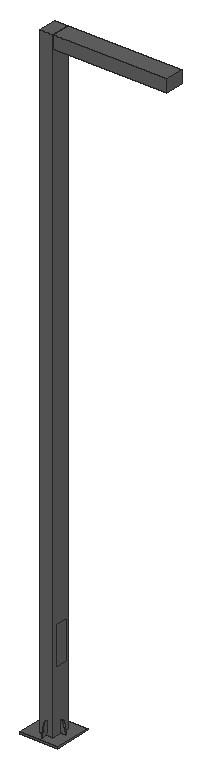
Revit family "Lin2-16.4ft", category Lighting Fixtures, Revit 2022
Family settings
  Round Connector Dimension = Use Diameter
  Part Type = Normal
  OmniClass Number = 23.80.70.00
  OmniClass Title = Lighting
  Work Plane-Based = No
  Always vertical = Yes
  Cut with Voids When Loaded = No
  Light Source = Yes
  Maintain Annotation Orientation = No
  Shared = No
  Room Calculation Point = No
Parameters (values of type "LIN2-80W-3000K-V-16.4ft")
  Wattage Comments = "80W"
  Wattage = 75.2245 W
  built-in parameter 1150110 = 1 (stored number, unit not read)
  URL = "https://www.abovealllighting.com/Product/LED-OUTDOOR-FIXTURES/LEDMOONSERIESPOSTTOP/MACKLINColumnLight.html"
  built-in parameter 1114217 = 1 (stored number, unit not read)
  Tilt Angle = 90.00°
  built-in parameter 1150109 = 1 (stored number, unit not read)
  built-in parameter 1150134 = (empty or 0)
  built-in parameter 1150113 = 1 (stored number, unit not read)
  Power Factor = "0.9"
  Photometric Web File = "LIN2-8030801-V-BK.IES"
  Model = "LIN2-8030801-V-BK"
  Manufacturer = "Above All Lighting"  # constant formula
  Lumens = 11174 lm
  built-in parameter 1150115 = 1 (stored number, unit not read)
  built-in parameter 1150105 = 6605.1 (stored number, unit not read)
  Load Classification = Lighting
  built-in parameter 1150137 = (empty or 0)
  built-in parameter 1150139 = (empty or 0)
  built-in parameter 1150112 = 1 (stored number, unit not read)
  built-in parameter 1150114 = 1 (stored number, unit not read)
  Lamp = "LED"
  Input Voltage = "120-277V"
  built-in parameter 1150132 = 2
  built-in parameter 1150102 = (empty or 0)
  built-in parameter 1150138 = (empty or 0)
  built-in parameter 1150107 = 3000 (stored number, unit not read)
  built-in parameter 1150106 = 66.051 (stored number, unit not read)
  IP Rating = "IP65"
  H = 16' - 4 205/256"  # constant formula
  built-in parameter 1150104 = 13.8 (stored number, unit not read)
  Dimming Lamp Color Temperature Shift = <None>
  Default Elevation = 0' - 0"
  Color Filter = 16777215
  CRI = "80"
  built-in parameter 1114218 = 1 (stored number, unit not read)
  built-in parameter 1150133 = 10 (stored number, unit not read)
Types (17): name | Wattage Comments | Wattage | Photometric Web File | Model | Lumens | built-in parameter 1150105 | built-in parameter 1150106
  (no name) | "80W" | 75.2245 W | "LIN2-8030801-V-BK.IES" | "LIN2-8030801-V-BK" | 11174 lm | 6605.1 (stored number, unit not read) | 66.051 (stored number, unit not read)
  LIN2-70W-3000K-II-16.4ft | "70W" | 68.8492 W | "LIN2-7030801-II-BK.IES" | "LIN2-7030801-II-BK" | 10227 lm | 813.84 (stored number, unit not read) | 8.1384 (stored number, unit not read)
  LIN2-70W-3000K-III-16.4ft | "70W" | 62.4335 W | "LIN2-7030801-III-BK.IES" | "LIN2-7030801-III-BK" | 9274 lm | 4852 (stored number, unit not read) | 48.52 (stored number, unit not read)
  LIN2-70W-3000K-IV-16.4ft | "70W" | 69.2599 W | "LIN2-7030801-IV-BK.IES" | "LIN2-7030801-IV-BK" | 10288 lm | 4532.4 (stored number, unit not read) | 45.324 (stored number, unit not read)
  LIN2-70W-3000K-V-16.4ft | "70W" | 67.1527 W | "LIN2-7030801-V-BK.IES" | "LIN2-7030801-V-BK" | 9975 lm | 5934.8 (stored number, unit not read) | 59.348 (stored number, unit not read)
  LIN2-80W-3000K-II-16.4ft | "80W" | 75.1034 W | "LIN2-8030801-II-BK.IES" | "LIN2-8030801-II-BK" | 11156 lm | 5836.7 (stored number, unit not read) | 58.367 (stored number, unit not read)
  LIN2-80W-3000K-III-16.4ft | "80W" | 68.8156 W | "LIN2-8030801-III-BK.IES" | "LIN2-8030801-III-BK" | 10222 lm | 5305.2 (stored number, unit not read) | 53.052 (stored number, unit not read)
  LIN2-80W-3000K-IV-16.4ft | "80W" | 77.3923 W | "LIN2-8030801-IV-BK.IES" | "LIN2-8030801-IV-BK" | 11496 lm | 5052.3 (stored number, unit not read) | 50.523 (stored number, unit not read)
  LIN2-80W-3000K-V-16.4ft | "80W" | 75.2245 W | "LIN2-8030801-V-BK.IES" | "LIN2-8030801-V-BK" | 11174 lm | 6605.1 (stored number, unit not read) | 66.051 (stored number, unit not read)
  LIN2-100W-3000K-II-16.4ft | "100W" | 90.7353 W | "LIN2-10030801-II-BK.IES" | "LIN2-10030801-II-BK" | 13478 lm | 6995.1 (stored number, unit not read) | 69.951 (stored number, unit not read)
  LIN2-100W-3000K-III-16.4ft | "100W" | 81.8355 W | "LIN2-10030801-III-BK.IES" | "LIN2-10030801-III-BK" | 12156 lm | 6304.7 (stored number, unit not read) | 63.047 (stored number, unit not read)
  LIN2-100W-3000K-IV-16.4ft | "100W" | 92.8761 W | "LIN2-10030801-IV-BK.IES" | "LIN2-10030801-IV-BK" | 13796 lm | 6055.6 (stored number, unit not read) | 60.556 (stored number, unit not read)
  LIN2-100W-3000K-V-16.4ft | "100W" | 90.567 W | "LIN2-10030801-V-BK.IES" | "LIN2-10030801-V-BK" | 13453 lm | 7891.5 (stored number, unit not read) | 78.915 (stored number, unit not read)
  LIN2-120W-3000K-II-16.4ft | "120W" | 104.449 W | "LIN2-12030801-II-BK.IES" | "LIN2-12030801-II-BK" | 15515 lm | 8046.8 (stored number, unit not read) | 80.468 (stored number, unit not read)
  LIN2-120W-3000K-III-16.4ft | "120W" | 93.7984 W | "LIN2-12030801-III-BK.IES" | "LIN2-12030801-III-BK" | 13933 lm | 7255.2 (stored number, unit not read) | 72.552 (stored number, unit not read)
  LIN2-120W-3000K-IV-16.4ft | "120W" | 104.583 W | "LIN2-12030801-IV-BK.IES" | "LIN2-12030801-IV-BK" | 15535 lm | 6794.2 (stored number, unit not read) | 67.942 (stored number, unit not read)
  LIN2-120W-3000K-V-16.4ft | "120W" | 105.095 W | "LIN2-12030801-V-BK.IES" | "LIN2-12030801-V-BK" | 15611 lm | 9127.9 (stored number, unit not read) | 91.279 (stored number, unit not read)
Reference planes (in)
  plane 1 "Light Source Axis (F/B)": y = 0
  plane 2: z = 0
  plane 3 "Light Source Axis (L/R)": x = 0
  plane 4 "Light Source Elevation": z = 192.86078
  plane 5: z = 196.80078
  plane 6: x = -1.99
  plane 7: x = 1.99
  plane 8: x = 37.42
  plane 9: z = 192.86078
Forms (in)
  Extrusion 1, solid, material "Metal, Paint Finish, White, Matte"
    sketch origin (0, 0, 0) x (1, 0, 0) y (0, 1, 0)
      loop
        line (-1.99, 2.95) -> (-1.99, -2.95) -> (1.99, -2.95) -> (1.99, 2.95) -> (-1.99, 2.95)
    from 0 to 196.80078
  Extrusion 2, solid, material "Metal, Paint Finish, White, Matte"
    sketch origin (0, 0, 0) x (1, 0, 0) y (0, 1, 0)
      loop
        line (1.99, 2.95) -> (1.99, -2.95) -> (37.42, -2.95) -> (37.42, 2.95) -> (1.99, 2.95)
    from 192.86078 to 196.80078
  Extrusion 3, solid, material "Metal, Paint Finish, White, Matte"
    sketch origin (0, 0, 0) x (1, 0, 0) y (0, 1, 0)
      loop
        line (-5.905, 5.905) -> (-5.905, -5.905) -> (5.905, -5.905) -> (5.905, 5.905) -> (-5.905, 5.905)
    from 0 to 0.394
  Extrusion 4, solid, material "Glass, White, High Luminance"
    sketch origin (1.10399, 0, 0) x (1, 0, 0) y (0, 1, 0)
      loop
        line (20.18595, 1.42747) -> (20.18595, -1.42747) -> (29.42, -1.42747) -> (29.42, 1.42747) -> (20.18595, 1.42747)
    from 192.78709 to 192.86078
  Extrusion 5, solid, material "Metal, Paint Finish, White, Matte"
    sketch origin (0, 0, 0) x (0, 1, 0) y (0, 0, 1)
      loop
        arc (-1.27, 31.5) -> (-1.62355, 31.35355) -> (-1.77, 31) r 0.5
        line (-1.77, 31) -> (-1.77, 20.19)
        arc (-1.77, 20.19) -> (-1.62355, 19.83645) -> (-1.27, 19.69) r 0.5
        line (-1.27, 19.69) -> (1.27, 19.69)
        arc (1.27, 19.69) -> (1.62355, 19.83645) -> (1.77, 20.19) r 0.5
        line (1.77, 20.19) -> (1.77, 31)
        arc (1.77, 31) -> (1.62355, 31.35355) -> (1.27, 31.5) r 0.5
        line (1.27, 31.5) -> (-1.27, 31.5)
    from 1.99 to 2.21533
  Extrusion 6, solid, material "Glass, White, High Luminance"
    sketch origin (-11.39601, 0, 0) x (1, 0, 0) y (0, 1, 0)
      loop
        line (20.18595, 1.42747) -> (20.18595, -1.42747) -> (29.42, -1.42747) -> (29.42, 1.42747) -> (20.18595, 1.42747)
    from 192.78709 to 192.86078
  Extrusion 7, solid, material "Metal, Paint Finish, White, Matte"
    sketch origin (-0.10728, 0, 0) x (0, 1, 0) y (0, 0, 1)
      loop
        line (-2.95, 1.09358) -> (-2.95, 4.23575) -> (-3.41202, 4.23575)
        arc (-3.41202, 4.23575) -> (-3.65607, 4.13466) -> (-3.75715, 3.89062) r 0.34513
        line (-3.75715, 3.89062) -> (-4.64958, 1.144) -> (-4.64958, 0.394) -> (-3.64958, 0.394) -> (-2.95, 1.09358)
      loop
        line (2.95, 1.09358) -> (3.64958, 0.394) -> (4.64958, 0.394) -> (4.64958, 1.144) -> (3.75715, 3.89062)
        arc (3.75715, 3.89062) -> (3.65607, 4.13466) -> (3.41202, 4.23575) r 0.34513
        line (3.41202, 4.23575) -> (2.95, 4.23575) -> (2.95, 1.09358)
    from 0 to 0.21456
  Extrusion 8, solid, material "Metal, Paint Finish, White, Matte"
    sketch origin (0, 0.10728, 0) x (1, 0, 0) y (0, 0, 1)
      loop
        line (-1.99, 0.95993) -> (-1.99, 4.23575) -> (-2.45202, 4.23575)
        arc (-2.45202, 4.23575) -> (-2.69607, 4.13466) -> (-2.79715, 3.89062) r 0.34513
        line (-2.79715, 3.89062) -> (-3.68958, 1.144) -> (-3.68958, 0.394) -> (-2.55593, 0.394) -> (-1.99, 0.95993)
      loop
        line (1.99, 1.09358) -> (2.68958, 0.394) -> (3.68958, 0.394) -> (3.68958, 1.144) -> (2.79715, 3.89062)
        arc (2.79715, 3.89062) -> (2.69607, 4.13466) -> (2.45202, 4.23575) r 0.34513
        line (2.45202, 4.23575) -> (1.99, 4.23575) -> (1.99, 1.09358)
    from 0 to 0.21456
Dimensions and locks (in)
  locked: plane 5 to plane 9 at 3.94
  locked: plane 8 to Extrusion 1 at 39.41
  "H": plane 5 to level
  locked: Extrusion 3 to Extrusion 3 at 0.394
  locked: Extrusion 1 to Extrusion 1 at 5.9
  locked: Extrusion 4 to Extrusion 2 at 0.07369
  locked: plane 8 to Extrusion 1 at 35.43
  aligned and locked: imposter light to plane 1 "Light Source Axis (F/B)"
  aligned and locked: plane 4 "Light Source Elevation" to imposter light
  aligned and locked: level to plane 2
  aligned and locked: Extrusion 1 to level
  aligned and locked: plane 5 to Extrusion 1
  aligned and locked: Extrusion 2 sketch curve to Extrusion 1  (x2)
  aligned and locked: plane 5 to Extrusion 2
  aligned and locked: plane 9 to Extrusion 2
  aligned and locked: Extrusion 2 to Extrusion 1
  aligned and locked: Extrusion 1 to plane 5
  aligned and locked: Extrusion 3 to level
  aligned and locked: imposter light to plane 9
  aligned and locked: plane 9 to plane 4 "Light Source Elevation"
  aligned and locked: Extrusion 4 to plane 9
  aligned and locked: Extrusion 5 to Extrusion 1
  aligned and locked: Extrusion 6 to plane 9
  aligned and locked: Extrusion 6 to Extrusion 4
Automatic sketch dimensions
  Extrusion 1 sketch curve to plane 6 = 0' - 0"
  Extrusion 1 sketch curve to plane 7 = 0' - 0"
  plane 1 "Light Source Axis (F/B)" to Extrusion 1 sketch curve = 0' - 2.95"
  Extrusion 1 sketch curve to plane 1 "Light Source Axis (F/B)" = 0' - 2.95"
  Extrusion 2 sketch curve to plane 7 = 0' - 0"
  Extrusion 2 sketch curve to plane 8 = 0' - 0"
  plane 6 to Extrusion 3 sketch curve = 0' - 3.915"
  plane 7 to Extrusion 3 sketch curve = 0' - 3.915"
  plane 1 "Light Source Axis (F/B)" to Extrusion 3 sketch curve = 0' - 5.905"
  Extrusion 3 sketch curve to plane 1 "Light Source Axis (F/B)" = 0' - 5.905"
  plane 1 "Light Source Axis (F/B)" to Extrusion 4 sketch curve = 0' - 1.42747"
  Extrusion 4 sketch curve to plane 8 = 1' - 4.13006"
  Extrusion 4 sketch curve to plane 8 = 0' - 6.89601"
  Extrusion 4 sketch curve to plane 1 "Light Source Axis (F/B)" = 0' - 1.42747"
  plane 1 "Light Source Axis (F/B)" to Extrusion 5 sketch curve = 0' - 1.77"
  Extrusion 5 sketch curve to Extrusion 5 sketch curve = 0' - 0 1/2"  (x3)
  Extrusion 5 sketch curve to plane 1 "Light Source Axis (F/B)" = 0' - 1.27"  (x2)
  level to Extrusion 5 sketch curve = 1' - 7.69"
  Extrusion 5 sketch curve to Extrusion 5 sketch curve = 0' - 10.81"
  plane 1 "Light Source Axis (F/B)" to Extrusion 6 sketch curve = 0' - 1.42747"
  plane 7 to Extrusion 6 sketch curve = 0' - 6.79994"
  Extrusion 6 sketch curve to Extrusion 6 sketch curve = 0' - 9.23405"
  Extrusion 6 sketch curve to plane 1 "Light Source Axis (F/B)" = 0' - 1.42747"
  level to Extrusion 7 sketch curve = 0' - 1.144"
  plane 1 "Light Source Axis (F/B)" to Extrusion 7 sketch curve = 0' - 4.64958"
  Extrusion 7 sketch curve to Extrusion 7 sketch curve = 0' - 0.89243"
  level to Extrusion 7 sketch curve = 0' - 0.394"  (x2)
  Extrusion 7 sketch curve to Extrusion 7 sketch curve = 0' - 1"  (x2)
  Extrusion 7 sketch curve to Extrusion 7 sketch curve = 0' - 0.34513"  (x2)
  Extrusion 7 sketch curve to Extrusion 7 sketch curve = 0' - 0.46202"  (x2)
  level to Extrusion 7 sketch curve = 0' - 1.09358"
  Extrusion 7 sketch curve to plane 1 "Light Source Axis (F/B)" = 0' - 2.95"
  Extrusion 7 sketch curve to Extrusion 7 sketch curve = 0' - 0.69958"  (x2)
  Extrusion 7 sketch curve to Extrusion 7 sketch curve = 0' - 0 3/4"
  Extrusion 7 sketch curve to Extrusion 7 sketch curve = 0' - 2.74662"  (x2)
  level to Extrusion 8 sketch curve = 0' - 1.144"
  plane 6 to Extrusion 8 sketch curve = 0' - 1.69958"
  plane 6 to Extrusion 8 sketch curve = 0' - 0.80715"
  level to Extrusion 8 sketch curve = 0' - 0.394"  (x2)
  Extrusion 8 sketch curve to Extrusion 8 sketch curve = 0' - 1.13365"
  Extrusion 8 sketch curve to Extrusion 8 sketch curve = 0' - 0.34513"  (x2)
  Extrusion 8 sketch curve to Extrusion 8 sketch curve = 0' - 0.46202"  (x2)
  plane 7 to Extrusion 8 sketch curve = 0' - 0"
  Extrusion 8 sketch curve to Extrusion 8 sketch curve = 0' - 0.69958"  (x2)
  Extrusion 8 sketch curve to Extrusion 8 sketch curve = 0' - 1"
  Extrusion 8 sketch curve to Extrusion 8 sketch curve = 0' - 0.56593"
  Extrusion 8 sketch curve to Extrusion 8 sketch curve = 0' - 0 3/4"
  Extrusion 8 sketch curve to Extrusion 8 sketch curve = 0' - 2.74662"  (x2)
